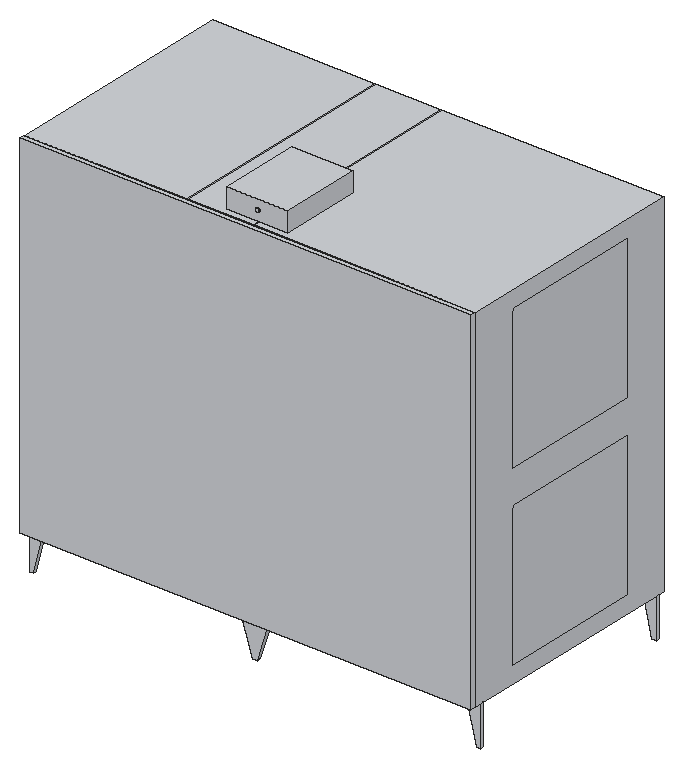
Revit family "AHU 4 _4", category Mechanické zařízení, Revit 2018
Family settings
  Kóta kulaté spojky = Použít průměr
  Typ dílu = Normální
  Číslo OmniClass = 23.75.00.00
  Nadpis OmniClass = Climate Control (HVAC)
  Založené na pracovní rovině = Ne
  Vždy vertikální = Ano
  Ořezat dutým tvarem při načtení = Ne
  Sdílené = Ne
  Bod výpočtu místnosti = Ne
Parameters (values of type "DUPLEXVENT 5000 Rotary")
  Width [instance] = 1.2 mm
  Weight [instance] = 575.00 kg
  URL = ""
  Type [instance] = "DUPLEXVENT 5000 Rotary"
  Total_SFP [instance] = 0
  Supply_outlet_hum [instance] = 90
  Supply_inlet_hum [instance] = 90
  Supply_ext_pressure [instance] = 0.0 Pa
  Supply_SFP [instance] = 0
  Source_adu_file [instance] = ""
  Recuperation_type [instance] = "Rotation regeneration exchanger"
  Recuperation_efficiency_EN308 [instance] = 0
  Project_name [instance] = ""
  Project_date [instance] = "10.8.2023"
  Power_supply_fusing [instance] = "0"
  Power_supply_cable [instance] = "0"
  Position [instance] = "AHU 4 "
  Phases_count [instance] = 3
  Panel_thickness [instance] = 0.06 mm
  Outer_surface [instance] = "RAL 9002"
  Length [instance] = 2.25 mm
  Insulation_type [instance] = "PUR"
  Insulation_thickness [instance] = 0.05 mm
  Installation_environment [instance] = ""
  Input_power_max [instance] = 5000 W
  Inner_surface [instance] = "Pozink"
  I2 [instance] = I1  # 0.0 L/s
  Height [instance] = 1.76 mm
  Exhaust_outlet_hum [instance] = 40
  Exhaust_inlet_hum [instance] = 40
  Exhaust_ext_pressure [instance] = 0.0 Pa
  Exhaust_SFP [instance] = 0
  E1 [instance] = E2 - M1  # 0.0 L/s
  E2 [instance] = 0.0 L/s
  I1 [instance] = 0.0 L/s
  Description = ""
  M1 [instance] = 0.0 L/s
  Device_dutypoint_version [instance] = "0"
  Device_design_version [instance] = "9"
  Device_adu_id [instance] = "4"
  Current_max [instance] = 7.6 A
  Casing_mat [instance] = "painted zinc layer"
  Cable type [instance] = "CYKY 5Jx2,5"
Reference planes
  plane 1 "Střed (vpředu/vzadu)": y = 0
  plane 2 "ref": z = 0
  plane 3 "Střed (vlevo/vpravo)": x = 0
Forms (mm)
  Sweep 1, solid
    path origin (0, 0, 0) x (0, 0, 1) y (1, 0, 0)
      loop
        line (0, 0) -> (1760, 0)
    profile origin (0, 0, 0) x (1, 0, 0) y (0, 1, 0)
      loop
        line (0, 0) -> (810, 0) -> (810, 1170) -> (0, 1170) -> (0, 0)
  Sweep 2, solid
    path origin (0, 0, 0) x (0, 0, 1) y (1, 0, 0)
      loop
        line (0, 0) -> (1760, 0)
    profile origin (0, 0, 0) x (1, 0, 0) y (0, 1, 0)
      loop
        line (810, 0) -> (1140, 0) -> (1140, 1170) -> (810, 1170) -> (810, 0)
  Sweep 3, solid
    path origin (0, 0, 0) x (0, 0, 1) y (1, 0, 0)
      loop
        line (0, 0) -> (1760, 0)
    profile origin (0, 0, 0) x (1, 0, 0) y (0, 1, 0)
      loop
        line (1140, 0) -> (2250, 0) -> (2250, 1170) -> (1140, 1170) -> (1140, 0)
  Sweep 4, solid
    path origin (1, 585, 1320) x (0, 1, 0) y (-1, 0, 0)
      loop
        line (0, 0) -> (0, 1)
    profile origin (1, 585, 1320) x (0, -1, 0) y (0, 0, 1)
      loop
        line (-355, -355) -> (355, -355) -> (355, 355) -> (-355, 355) -> (-355, -355)
  Sweep 5, solid
    path origin (2249, 585, 1320) x (1, 0, 0) y (0, 1, 0)
      loop
        line (0, 0) -> (1, 0)
    profile origin (2249, 585, 1320) x (0, 1, 0) y (0, 0, 1)
      loop
        line (-355, 355) -> (-355, -355) -> (355, -355) -> (355, 355) -> (-355, 355)
  Sweep 6, solid
    path origin (2249, 585, 440) x (1, 0, 0) y (0, 1, 0)
      loop
        line (0, 0) -> (1, 0)
    profile origin (2249, 585, 440) x (0, 1, 0) y (0, 0, 1)
      loop
        line (-355, 355) -> (-355, -355) -> (355, -355) -> (355, 355) -> (-355, 355)
  Sweep 7, solid
    path origin (1, 585, 440) x (0, 1, 0) y (-1, 0, 0)
      loop
        line (0, 0) -> (0, 1)
    profile origin (1, 585, 440) x (0, -1, 0) y (0, 0, 1)
      loop
        line (-355, -355) -> (355, -355) -> (355, 355) -> (-355, 355) -> (-355, -355)
  Sweep 8, solid
    path origin (0, 0, 0) x (0, 0, 1) y (1, 0, 0)
      loop
        line (0, 0) -> (1760, 0)
    profile origin (0, 0, 0) x (1, 0, 0) y (0, 1, 0)
      loop
        line (0, -30) -> (2250, -30) -> (2250, -5) -> (0, -5) -> (0, -30)
  Sweep 9, solid
    path origin (11, 45, 0) x (1, 0, 0) y (0, 1, 0)
      loop
        line (0, 0) -> (0, -15)
    profile origin (11, 45, 0) x (1, 0, 0) y (0, 0, 1)
      loop
        line (-11, 0) -> (-11, -200) -> (11, -200) -> (60, 0) -> (-11, 0)
  Sweep 10, solid
    path origin (1125, 45, 0) x (1, 0, 0) y (0, 1, 0)
      loop
        line (0, 0) -> (0, -15)
    profile origin (1125, 45, 0) x (1, 0, 0) y (0, 0, 1)
      loop
        line (-75, 0) -> (-11, -200) -> (11, -200) -> (75, 0) -> (-75, 0)
  Sweep 11, solid
    path origin (2239, 45, 0) x (1, 0, 0) y (0, 1, 0)
      loop
        line (0, 0) -> (0, -15)
    profile origin (2239, 45, 0) x (1, 0, 0) y (0, 0, 1)
      loop
        line (-60, 0) -> (-11, -200) -> (11, -200) -> (11, 0) -> (-60, 0)
  Sweep 12, solid
    path origin (11, 1140, 0) x (1, 0, 0) y (0, 1, 0)
      loop
        line (0, 0) -> (0, -15)
    profile origin (11, 1140, 0) x (1, 0, 0) y (0, 0, 1)
      loop
        line (-11, 0) -> (-11, -200) -> (11, -200) -> (60, 0) -> (-11, 0)
  Sweep 13, solid
    path origin (1125, 1140, 0) x (1, 0, 0) y (0, 1, 0)
      loop
        line (0, 0) -> (0, -15)
    profile origin (1125, 1140, 0) x (1, 0, 0) y (0, 0, 1)
      loop
        line (-75, 0) -> (-11, -200) -> (11, -200) -> (75, 0) -> (-75, 0)
  Sweep 14, solid
    path origin (2239, 1140, 0) x (1, 0, 0) y (0, 1, 0)
      loop
        line (0, 0) -> (0, -15)
    profile origin (2239, 1140, 0) x (1, 0, 0) y (0, 0, 1)
      loop
        line (-60, 0) -> (-11, -200) -> (11, -200) -> (11, 0) -> (-60, 0)
  Sweep 15, solid
    path origin (0, 0, 1760) x (0, 0, 1) y (1, 0, 0)
      loop
        line (0, 0) -> (100, 0)
    profile origin (0, 0, 1760) x (1, 0, 0) y (0, 1, 0)
      loop
        line (980, 35) -> (1285, 35) -> (1285, 440) -> (980, 440) -> (980, 35)
  Sweep 16, solid
    path origin (1133, 35, 1810) x (0, 1, 0) y (-1, 0, 0)
      loop
        line (0, 0) -> (-1, 0)
    profile origin (1133, 35, 1810) x (1, 0, 0) y (0, 0, 1)
      loop
        circle (0, 0) r 10
Lines and regions (mm)
  model lines, style "Symbol"
    curve 1: line (975, -30, 0) -> (975, -30, 352)
    curve 2: line (975, -30, 1760) -> (975, -30, 1408)
    curve 3: line (810, -30, 880) -> (1140, -30, 880)
    curve 4: line (0, -30, 880) -> (810, -30, 880)
    curve 5: line (2250, -30, 880) -> (1140, -30, 880)
    curve 6: line (843, -30, 88) -> (843, -30, 1672)
    curve 7: line (843, -30, 1672) -> (1107, -30, 1672)
    curve 8: line (1107, -30, 1672) -> (1107, -30, 88)
    curve 9: line (1107, -30, 88) -> (843, -30, 88)
    curve 10: line (843, -30, 880) -> (1107, -30, 880)
    curve 11: line (1077, -30, 716) -> (1066, -30, 563)
    curve 12: line (1066, -30, 563) -> (1050, -30, 432)
    curve 13: line (1050, -30, 432) -> (1028, -30, 331)
    curve 14: line (1028, -30, 331) -> (1002, -30, 268)
    curve 15: line (1002, -30, 268) -> (975, -30, 246)
    curve 16: line (975, -30, 246) -> (948, -30, 268)
    curve 17: line (948, -30, 268) -> (922, -30, 331)
    curve 18: line (922, -30, 331) -> (900, -30, 432)
    curve 19: line (900, -30, 432) -> (884, -30, 563)
    curve 20: line (884, -30, 563) -> (873, -30, 716)
    curve 21: line (873, -30, 716) -> (869, -30, 880)
    curve 22: line (869, -30, 880) -> (873, -30, 1044)
    curve 23: line (873, -30, 1044) -> (884, -30, 1197)
    curve 24: line (884, -30, 1197) -> (900, -30, 1328)
    curve 25: line (900, -30, 1328) -> (922, -30, 1429)
    curve 26: line (922, -30, 1429) -> (948, -30, 1492)
    curve 27: line (948, -30, 1492) -> (975, -30, 1514)
    curve 28: line (975, -30, 1514) -> (1002, -30, 1492)
    curve 29: line (1002, -30, 1492) -> (1028, -30, 1429)
    curve 30: line (1028, -30, 1429) -> (1050, -30, 1328)
    curve 31: line (1050, -30, 1328) -> (1066, -30, 1197)
    curve 32: line (1066, -30, 1197) -> (1077, -30, 1044)
    curve 33: line (1077, -30, 1044) -> (1040, -30, 1218)
    curve 34: line (1077, -30, 1044) -> (1082, -30, 1234)
    curve 35: line (1863, -30, 1445) -> (2144, -30, 1397)
    curve 36: line (1863, -30, 1195) -> (2144, -30, 1243)
    curve 37: line (387, -30, 315) -> (106, -30, 363)
    curve 38: line (387, -30, 565) -> (106, -30, 517)
    curve 39: line (270, -30, 1056) -> (270, -30, 1584)
    curve 40: line (270, -30, 1584) -> (405, -30, 1584)
    curve 41: line (405, -30, 1584) -> (405, -30, 1056)
    curve 42: line (405, -30, 1056) -> (270, -30, 1056)
    curve 43: line (338, -30, 1056) -> (405, -30, 1320)
    curve 44: line (338, -30, 1584) -> (405, -30, 1320)
    curve 45: line (1980, -30, 704) -> (1980, -30, 176)
    curve 46: line (1980, -30, 176) -> (1845, -30, 176)
    curve 47: line (1845, -30, 176) -> (1845, -30, 704)
    curve 48: line (1845, -30, 704) -> (1980, -30, 704)
    curve 49: line (1913, -30, 704) -> (1845, -30, 440)
    curve 50: line (1913, -30, 176) -> (1845, -30, 440)
    curve 51: line (0, -1200, 0) -> (0, 0, 0)
    curve 52: line (2250, -1200, 0) -> (2250, 0, 0)
    curve 53: line (0, -1200, 0) -> (2250, -1200, 0)
    curve 54: line (0, -1200, 1760) -> (0, 0, 1760)
    curve 55: line (2250, -1200, 1760) -> (2250, 0, 1760)
    curve 56: line (0, -1200, 1760) -> (2250, -1200, 1760)
    curve 57: line (0, -1200, 0) -> (0, -1200, 1760)
    curve 58: line (2250, -1200, 0) -> (2250, -1200, 1760)
    curve 59: line (0, -1200, 1560) -> (200, -1200, 1760)
    curve 60: line (0, -1200, 1360) -> (400, -1200, 1760)
    curve 61: line (0, -1200, 1160) -> (600, -1200, 1760)
    curve 62: line (0, -1200, 960) -> (800, -1200, 1760)
    curve 63: line (0, -1200, 760) -> (1000, -1200, 1760)
    curve 64: line (0, -1200, 560) -> (1200, -1200, 1760)
    curve 65: line (0, -1200, 360) -> (1400, -1200, 1760)
    curve 66: line (0, -1200, 160) -> (1600, -1200, 1760)
    curve 67: line (40, -1200, 0) -> (1800, -1200, 1760)
    curve 68: line (240, -1200, 0) -> (2000, -1200, 1760)
    curve 69: line (440, -1200, 0) -> (2200, -1200, 1760)
    curve 70: line (640, -1200, 0) -> (2250, -1200, 1610)
    curve 71: line (840, -1200, 0) -> (2250, -1200, 1410)
    curve 72: line (1040, -1200, 0) -> (2250, -1200, 1210)
    curve 73: line (1240, -1200, 0) -> (2250, -1200, 1010)
    curve 74: line (1440, -1200, 0) -> (2250, -1200, 810)
    curve 75: line (1640, -1200, 0) -> (2250, -1200, 610)
    curve 76: line (1840, -1200, 0) -> (2250, -1200, 410)
    curve 77: line (2040, -1200, 0) -> (2250, -1200, 210)
    curve 78: line (2240, -1200, 0) -> (2250, -1200, 10)
    curve 79: line (2250, -1200, 1560) -> (2250, -1000, 1760)
    curve 80: line (2250, -1200, 1360) -> (2250, -800, 1760)
    curve 81: line (2250, -1200, 1160) -> (2250, -600, 1760)
    curve 82: line (2250, -1200, 960) -> (2250, -400, 1760)
    curve 83: line (2250, -1200, 760) -> (2250, -200, 1760)
    curve 84: line (2250, -1200, 560) -> (2250, 0, 1760)
    curve 85: line (2250, -1200, 360) -> (2250, 0, 1560)
    curve 86: line (2250, -1200, 160) -> (2250, 0, 1360)
    curve 87: line (2250, -1160, 0) -> (2250, 0, 1160)
    curve 88: line (2250, -960, 0) -> (2250, 0, 960)
    curve 89: line (2250, -760, 0) -> (2250, 0, 760)
    curve 90: line (2250, -560, 0) -> (2250, 0, 560)
    curve 91: line (2250, -360, 0) -> (2250, 0, 360)
    curve 92: line (2250, -160, 0) -> (2250, 0, 160)
    curve 93: line (0, -1000, 1760) -> (200, -1200, 1760)
    curve 94: line (0, -800, 1760) -> (400, -1200, 1760)
    curve 95: line (0, -600, 1760) -> (600, -1200, 1760)
    curve 96: line (0, -400, 1760) -> (800, -1200, 1760)
    curve 97: line (0, -200, 1760) -> (1000, -1200, 1760)
    curve 98: line (0, 0, 1760) -> (1200, -1200, 1760)
    curve 99: line (200, 0, 1760) -> (1400, -1200, 1760)
    curve 100: line (400, 0, 1760) -> (1600, -1200, 1760)
    curve 101: line (600, 0, 1760) -> (1800, -1200, 1760)
    curve 102: line (800, 0, 1760) -> (2000, -1200, 1760)
    curve 103: line (1000, 0, 1760) -> (2200, -1200, 1760)
    curve 104: line (1200, 0, 1760) -> (2250, -1050, 1760)
    curve 105: line (1400, 0, 1760) -> (2250, -850, 1760)
    curve 106: line (1600, 0, 1760) -> (2250, -650, 1760)
    curve 107: line (1800, 0, 1760) -> (2250, -450, 1760)
    curve 108: line (2000, 0, 1760) -> (2250, -250, 1760)
    curve 109: line (2200, 0, 1760) -> (2250, -50, 1760)
    curve 110: line (0, 0, 2500) -> (0, 0, 1760)
    curve 111: line (2250, 0, 2500) -> (2250, 0, 1760)
    curve 112: line (0, 0, 2500) -> (2250, 0, 2500)
    curve 113: line (0, 1170, 2500) -> (0, 1170, 1760)
    curve 114: line (2250, 1170, 2500) -> (2250, 1170, 1760)
    curve 115: line (0, 1170, 2500) -> (2250, 1170, 2500)
    curve 116: line (0, 0, 2500) -> (0, 1170, 2500)
    curve 117: line (2250, 0, 2500) -> (2250, 1170, 2500)
    curve 118: line (0, 970, 2500) -> (200, 1170, 2500)
    curve 119: line (0, 770, 2500) -> (400, 1170, 2500)
    curve 120: line (0, 570, 2500) -> (600, 1170, 2500)
    curve 121: line (0, 370, 2500) -> (800, 1170, 2500)
    curve 122: line (0, 170, 2500) -> (1000, 1170, 2500)
    curve 123: line (30, 0, 2500) -> (1200, 1170, 2500)
    curve 124: line (230, 0, 2500) -> (1400, 1170, 2500)
    curve 125: line (430, 0, 2500) -> (1600, 1170, 2500)
    curve 126: line (630, 0, 2500) -> (1800, 1170, 2500)
    curve 127: line (830, 0, 2500) -> (2000, 1170, 2500)
    curve 128: line (1030, 0, 2500) -> (2200, 1170, 2500)
    curve 129: line (1230, 0, 2500) -> (2250, 1020, 2500)
    curve 130: line (1430, 0, 2500) -> (2250, 820, 2500)
    curve 131: line (1630, 0, 2500) -> (2250, 620, 2500)
    curve 132: line (1830, 0, 2500) -> (2250, 420, 2500)
    curve 133: line (2030, 0, 2500) -> (2250, 220, 2500)
    curve 134: line (2230, 0, 2500) -> (2250, 20, 2500)
    curve 135: line (2250, 970, 2500) -> (2250, 1170, 2300)
    curve 136: line (2250, 770, 2500) -> (2250, 1170, 2100)
    curve 137: line (2250, 570, 2500) -> (2250, 1170, 1900)
    curve 138: line (2250, 370, 2500) -> (2250, 1110, 1760)
    curve 139: line (2250, 170, 2500) -> (2250, 910, 1760)
    curve 140: line (2250, 0, 2470) -> (2250, 710, 1760)
    curve 141: line (2250, 0, 2270) -> (2250, 510, 1760)
    curve 142: line (2250, 0, 2070) -> (2250, 310, 1760)
    curve 143: line (2250, 0, 1870) -> (2250, 110, 1760)
    curve 144: line (0, 1170, 2300) -> (200, 1170, 2500)
    curve 145: line (0, 1170, 2100) -> (400, 1170, 2500)
    curve 146: line (0, 1170, 1900) -> (600, 1170, 2500)
    curve 147: line (60, 1170, 1760) -> (800, 1170, 2500)
    curve 148: line (260, 1170, 1760) -> (1000, 1170, 2500)
    curve 149: line (460, 1170, 1760) -> (1200, 1170, 2500)
    curve 150: line (660, 1170, 1760) -> (1400, 1170, 2500)
    curve 151: line (860, 1170, 1760) -> (1600, 1170, 2500)
    curve 152: line (1060, 1170, 1760) -> (1800, 1170, 2500)
    curve 153: line (1260, 1170, 1760) -> (2000, 1170, 2500)
    curve 154: line (1460, 1170, 1760) -> (2200, 1170, 2500)
    curve 155: line (1660, 1170, 1760) -> (2250, 1170, 2350)
    curve 156: line (1860, 1170, 1760) -> (2250, 1170, 2150)
    curve 157: line (2060, 1170, 1760) -> (2250, 1170, 1950)
    curve 158: line (0, -30, 0) -> (0, -30, 1760)
    curve 159: line (0, -30, 1760) -> (1123, -30, 1760)
    curve 160: line (1123, -30, 1760) -> (1123, -30, 0)
    curve 161: line (1123, -30, 0) -> (0, -30, 0)
    curve 162: line (1127, -30, 0) -> (1127, -30, 1760)
    curve 163: line (1127, -30, 1760) -> (2250, -30, 1760)
    curve 164: line (2250, -30, 1760) -> (2250, -30, 0)
    curve 165: line (2250, -30, 0) -> (1127, -30, 0)
    curve 166: line (0, -30, 0) -> (2250, -30, 0)
    curve 167: line (0, -30, 1760) -> (2250, -30, 1760)
    curve 168: line (0, -30, 0) -> (0, -30, 1760)
    curve 169: line (2250, -30, 0) -> (2250, -30, 1760)
    curve 170: line (0, -30, 0) -> (0, -5, 0)
    curve 171: line (2250, -30, 0) -> (2250, -5, 0)
    curve 172: line (0, -30, 1760) -> (0, -5, 1760)
    curve 173: line (2250, -30, 1760) -> (2250, -5, 1760)
    curve 174: circle (1986, -30, 1320) r 176 normal (0, -1, 0)
    curve 175: circle (264, -30, 440) r 176 normal (0, -1, 0)
Dimensions and locks
  aligned and locked: level to plane 2 "ref"
Connectors
  hvac at (0, 585, 1320), driven by "E1"
    settings: on Sweep 4, index 1, duct flow 0.0 L/s, flow factor 0, pres drop 0.0 Pa, loss coef 0, conn angle 0.00°, conn width 710 mm, conn height 710 mm, conn diameter 609.6 mm, duct sys type 1, conn prof type 1, flow config 1, flow direction 1, loss method 0, conn ref index -1, conn util no, is conn primary yes, conn desc ""
  hvac at (2250, 585, 1320), driven by "E2"
    settings: on Sweep 5, index 2, duct flow 0.0 L/s, flow factor 1, pres drop 0.0 Pa, loss coef 0, conn angle 0.00°, conn width 710 mm, conn height 710 mm, conn diameter 609.6 mm, duct sys type 1, conn prof type 1, flow config 2, flow direction 2, loss method 0, conn ref index -1, conn util no, is conn primary no, conn desc ""
  hvac at (2250, 585, 440), driven by "I1"
    settings: on Sweep 6, index 3, duct flow 0.0 L/s, flow factor 1, pres drop 0.0 Pa, loss coef 0, conn angle 0.00°, conn width 710 mm, conn height 710 mm, conn diameter 609.6 mm, duct sys type 3, conn prof type 1, flow config 2, flow direction 1, loss method 0, conn ref index -1, conn util no, is conn primary no, conn desc ""
  hvac at (0, 585, 440), driven by "I2"
    settings: on Sweep 7, index 4, duct flow 0.0 L/s, flow factor 0, pres drop 0.0 Pa, loss coef 0, conn angle 0.00°, conn width 710 mm, conn height 710 mm, conn diameter 609.6 mm, duct sys type 3, conn prof type 1, flow config 1, flow direction 2, loss method 0, conn ref index -1, conn util no, is conn primary no, conn desc ""
  electrical at (1133, 34, 1810)
    settings: on Sweep 16, index 5, voltage 400 V, apparent load 0 VA, apparent load phase1 0 VA, apparent load phase2 0 VA, apparent load phase3 0 VA, power factor 1, load classification "Další", number of poles 3, system type 31, power factor state 1, is connector primary yes, connector utility no, sub classification motor no, connector description ""
